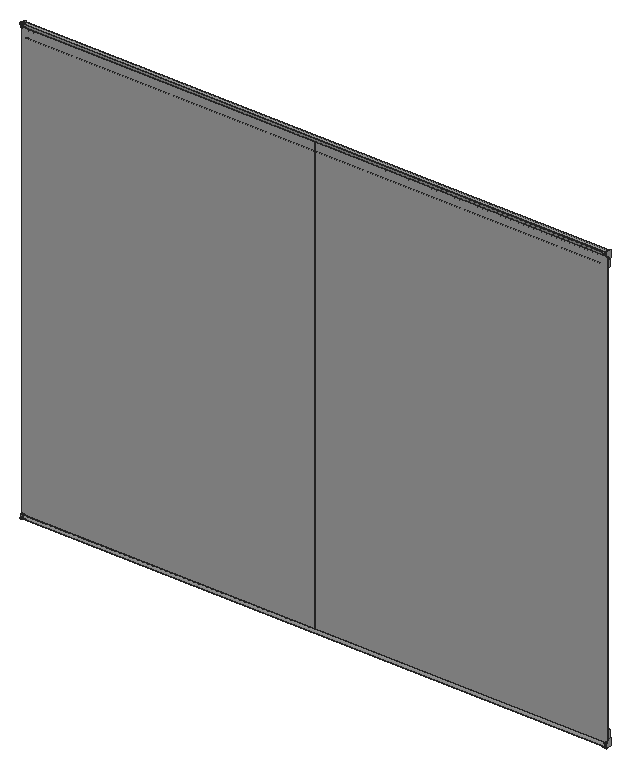
Revit family "Unity Glass Wall 6x8", category Generic Models, Revit 2018
Family settings
  Can host rebar = No
  Round Connector Dimension = Use Diameter
  Part Type = Normal
  Work Plane-Based = No
  Always vertical = Yes
  Cut with Voids When Loaded = No
  Shared = No
  Room Calculation Point = No
Parameters
  Panel #2 = Unity Glass Wall 6x8 Panel #2
  Panel #1 = Unity Glass Wall 6x8 Panel #1
Reference planes (in)
  plane 1 "Center (Front/Back)": y = 0
  plane 2: z = 0
  plane 3 "Center (Left/Right)": x = 0
Forms (in)
  Extrusion 1, solid, material "Unity Glass Wall Trim Metal"
    sketch origin (-47.24409, 0, 0.36763) x (0, 1, 0) y (0, 0, 1)
      loop
        line (0, 83.30899) -> (-0.645, 83.30899)
        arc (-0.645, 83.30899) -> (-0.70034, 83.28391) -> (-0.71795, 83.22577) r 0.07358
        arc (-0.71795, 83.22577) -> (-0.66251, 82.98163) -> (-0.5634, 82.75172) r 1.36464
        arc (-0.5634, 82.75172) -> (-0.54859, 82.73439) -> (-0.52802, 82.72453) r 0.05514
        line (-0.52802, 82.72453) -> (-0.48302, 82.72453) -> (-0.48302, 82.77531) -> (-0.51842, 82.77531)
        arc (-0.51842, 82.77531) -> (-0.6141, 82.99698) -> (-0.66761, 83.23242) r 1.31386
        arc (-0.66761, 83.23242) -> (-0.66215, 83.25044) -> (-0.645, 83.25821) r 0.0228
        line (-0.645, 83.25821) -> (-0.05078, 83.25821) -> (-0.05078, 82.12852) -> (-0.118, 82.19574) -> (-0.118, 82.45703) -> (-0.166, 82.45703) -> (-0.166, 82.19574)
        arc (-0.166, 82.19574) -> (-0.16235, 82.17737) -> (-0.15194, 82.1618) r 0.048
        line (-0.15194, 82.1618) -> (-0.1, 82.10985) -> (-0.1, 81.00078)
        arc (-0.1, 81.00078) -> (-0.05, 80.95078) -> (0, 81.00078) r 0.05
        line (0, 81.00078) -> (0, 83.30899)
    from 0.2 to 94.28819
  Extrusion 2, solid, material "Unity Glass Wall 6x8 Panel #1" <- "Panel #1"
    sketch origin (-47.24409, 0, 0.63581) x (0, 1, 0) y (0, 0, 1)
      loop
        line (-0.48802, 11.58341) -> (-0.28802, 11.58341) -> (-0.28802, 82.8216) -> (-0.48802, 82.8216) -> (-0.48802, 11.58341)
    from 0 to 47.24409
  Extrusion 3, solid, material "Unity Glass Wall Trim Metal"
    sketch origin (0, 0, 0.36763) x (0, 1, 0) y (0, 0, 1)
      loop
        line (0, 83.35978) -> (-0.645, 83.35978)
        arc (-0.645, 83.35978) -> (-0.73852, 83.31739) -> (-0.76829, 83.21911) r 0.12436
        arc (-0.76829, 83.21911) -> (-0.55414, 82.63679) -> (-0.11151, 82.20201) r 1.41542
        arc (-0.11151, 82.20201) -> (-0.09645, 82.19579) -> (-0.08019, 82.19478) r 0.04981
        line (-0.08019, 82.19478) -> (0, 82.19478) -> (0, 83.35978)
    from -47.24409 to -47.34409
  Extrusion 4, solid, material "Unity Glass Wall Trim Metal"
    sketch origin (-94.48819, 0, 0.36763) x (0, 1, 0) y (0, 0, -1)
      loop
        line (0, -83.35978) -> (0, -81.00078)
        arc (0, -81.00078) -> (-0.05, -80.95078) -> (-0.1, -81.00078) r 0.05
        line (-0.1, -81.00078) -> (-0.1, -82.10985) -> (-0.15194, -82.1618)
        arc (-0.15194, -82.1618) -> (-0.16235, -82.17737) -> (-0.166, -82.19574) r 0.048
        line (-0.166, -82.19574) -> (-0.166, -82.45703) -> (-0.118, -82.45703) -> (-0.118, -82.19574) -> (-0.048, -82.12574) -> (-0.048, -83.30899) -> (-0.645, -83.30899)
        arc (-0.645, -83.30899) -> (-0.70034, -83.28391) -> (-0.71795, -83.22577) r 0.07358
        arc (-0.71795, -83.22577) -> (-0.66202, -82.98012) -> (-0.56188, -82.74894) r 1.36464
        arc (-0.56188, -82.74894) -> (-0.5474, -82.73362) -> (-0.52802, -82.72531) r 0.05198
        line (-0.52802, -82.72531) -> (-0.48302, -82.72531) -> (-0.48302, -82.67453) -> (-0.5309, -82.67453)
        arc (-0.5309, -82.67453) -> (-0.56773, -82.68318) -> (-0.59684, -82.70734) r 0.08265
        arc (-0.59684, -82.70734) -> (-0.70718, -82.95498) -> (-0.76829, -83.21911) r 1.41542
        arc (-0.76829, -83.21911) -> (-0.73852, -83.31739) -> (-0.645, -83.35978) r 0.12436
        line (-0.645, -83.35978) -> (0, -83.35978)
    from -47.24409 to -47.44409
  Extrusion 5, solid, material "Unity Glass Wall Trim Metal"
    sketch origin (0, 0, 0.36763) x (0, 1, 0) y (0, 0, -1)
      loop
        line (0, -83.35978) -> (0, -82.19478) -> (-0.08019, -82.19478)
        arc (-0.08019, -82.19478) -> (-0.09645, -82.19579) -> (-0.11151, -82.20201) r 0.04981
        arc (-0.11151, -82.20201) -> (-0.55414, -82.63679) -> (-0.76829, -83.21911) r 1.41542
        arc (-0.76829, -83.21911) -> (-0.73852, -83.31739) -> (-0.645, -83.35978) r 0.12436
        line (-0.645, -83.35978) -> (0, -83.35978)
    from -47.24409 to -47.34409
  Extrusion 6, solid, material "Unity Glass Wall Trim Metal"
    sketch origin (94.48819, 0, 0.36763) x (0, 1, 0) y (0, 0, 1)
      loop
        line (0, 83.35978) -> (-0.645, 83.35978)
        arc (-0.645, 83.35978) -> (-0.73852, 83.31739) -> (-0.76829, 83.21911) r 0.12436
        arc (-0.76829, 83.21911) -> (-0.70718, 82.95498) -> (-0.59684, 82.70734) r 1.41542
        arc (-0.59684, 82.70734) -> (-0.56773, 82.68318) -> (-0.5309, 82.67453) r 0.08265
        line (-0.5309, 82.67453) -> (-0.48302, 82.67453) -> (-0.48302, 82.72531) -> (-0.52802, 82.72531)
        arc (-0.52802, 82.72531) -> (-0.5474, 82.73362) -> (-0.56188, 82.74894) r 0.05198
        arc (-0.56188, 82.74894) -> (-0.66202, 82.98012) -> (-0.71795, 83.22577) r 1.36464
        arc (-0.71795, 83.22577) -> (-0.70034, 83.28391) -> (-0.645, 83.30899) r 0.07358
        line (-0.645, 83.30899) -> (-0.048, 83.30899) -> (-0.048, 82.12574) -> (-0.118, 82.19574) -> (-0.118, 82.45703) -> (-0.166, 82.45703) -> (-0.166, 82.19574)
        arc (-0.166, 82.19574) -> (-0.16235, 82.17737) -> (-0.15194, 82.1618) r 0.048
        line (-0.15194, 82.1618) -> (-0.1, 82.10985) -> (-0.1, 81.00078)
        arc (-0.1, 81.00078) -> (-0.05, 80.95078) -> (0, 81.00078) r 0.05
        line (0, 81.00078) -> (0, 83.35978)
    from -47.24409 to -47.44409
  Extrusion 7, solid, material "Unity Glass Wall Trim Metal"
    sketch origin (-47.24409, 0, 95.30899) x (0, 1, 0) y (0, 0, 1)
      loop
        line (0, -83.30899) -> (0, -81.00078)
        arc (0, -81.00078) -> (-0.05, -80.95078) -> (-0.1, -81.00078) r 0.05
        line (-0.1, -81.00078) -> (-0.1, -82.10985) -> (-0.15194, -82.1618)
        arc (-0.15194, -82.1618) -> (-0.16235, -82.17737) -> (-0.166, -82.19574) r 0.048
        line (-0.166, -82.19574) -> (-0.166, -82.45703) -> (-0.118, -82.45703) -> (-0.118, -82.19574) -> (-0.05078, -82.12852) -> (-0.05078, -83.25821) -> (-0.645, -83.25821)
        arc (-0.645, -83.25821) -> (-0.66215, -83.25044) -> (-0.66761, -83.23242) r 0.0228
        arc (-0.66761, -83.23242) -> (-0.6141, -82.99698) -> (-0.51842, -82.77531) r 1.31386
        line (-0.51842, -82.77531) -> (-0.48302, -82.77531) -> (-0.48302, -82.72453) -> (-0.52802, -82.72453)
        arc (-0.52802, -82.72453) -> (-0.54859, -82.73439) -> (-0.5634, -82.75172) r 0.05514
        arc (-0.5634, -82.75172) -> (-0.66251, -82.98163) -> (-0.71795, -83.22577) r 1.36464
        arc (-0.71795, -83.22577) -> (-0.70034, -83.28391) -> (-0.645, -83.30899) r 0.07358
        line (-0.645, -83.30899) -> (0, -83.30899)
    from 0.2 to 94.28819
  Extrusion 8, solid, material "Unity Glass Wall Trim Metal"
    sketch origin (0, 0, 95.30899) x (0, 1, 0) y (0, 0, 1)
      loop
        line (0, -83.35978) -> (0, -82.19478) -> (-0.08019, -82.19478)
        arc (-0.08019, -82.19478) -> (-0.09645, -82.19579) -> (-0.11151, -82.20201) r 0.04981
        arc (-0.11151, -82.20201) -> (-0.55414, -82.63679) -> (-0.76829, -83.21911) r 1.41542
        arc (-0.76829, -83.21911) -> (-0.73852, -83.31739) -> (-0.645, -83.35978) r 0.12436
        line (-0.645, -83.35978) -> (0, -83.35978)
    from -47.24409 to -47.34409
  Extrusion 9, solid, material "Unity Glass Wall Trim Metal"
    sketch origin (-94.48819, 0, 95.30899) x (0, 1, 0) y (0, 0, -1)
      loop
        line (0, 83.35978) -> (-0.645, 83.35978)
        arc (-0.645, 83.35978) -> (-0.73852, 83.31739) -> (-0.76829, 83.21911) r 0.12436
        arc (-0.76829, 83.21911) -> (-0.70718, 82.95498) -> (-0.59684, 82.70734) r 1.41542
        arc (-0.59684, 82.70734) -> (-0.56773, 82.68318) -> (-0.5309, 82.67453) r 0.08265
        line (-0.5309, 82.67453) -> (-0.48302, 82.67453) -> (-0.48302, 82.72531) -> (-0.52802, 82.72531)
        arc (-0.52802, 82.72531) -> (-0.5474, 82.73362) -> (-0.56188, 82.74894) r 0.05198
        arc (-0.56188, 82.74894) -> (-0.66202, 82.98012) -> (-0.71795, 83.22577) r 1.36464
        arc (-0.71795, 83.22577) -> (-0.70034, 83.28391) -> (-0.645, 83.30899) r 0.07358
        line (-0.645, 83.30899) -> (-0.048, 83.30899) -> (-0.048, 82.12574) -> (-0.118, 82.19574) -> (-0.118, 82.45703) -> (-0.166, 82.45703) -> (-0.166, 82.19574)
        arc (-0.166, 82.19574) -> (-0.16235, 82.17737) -> (-0.15194, 82.1618) r 0.048
        line (-0.15194, 82.1618) -> (-0.1, 82.10985) -> (-0.1, 81.00078)
        arc (-0.1, 81.00078) -> (-0.05, 80.95078) -> (0, 81.00078) r 0.05
        line (0, 81.00078) -> (0, 83.35978)
    from -47.24409 to -47.44409
  Extrusion 10, solid, material "Unity Glass Wall Trim Metal"
    sketch origin (0, 0, 95.30899) x (0, 1, 0) y (0, 0, -1)
      loop
        line (0, 83.35978) -> (-0.645, 83.35978)
        arc (-0.645, 83.35978) -> (-0.73852, 83.31739) -> (-0.76829, 83.21911) r 0.12436
        arc (-0.76829, 83.21911) -> (-0.55414, 82.63679) -> (-0.11151, 82.20201) r 1.41542
        arc (-0.11151, 82.20201) -> (-0.09645, 82.19579) -> (-0.08019, 82.19478) r 0.04981
        line (-0.08019, 82.19478) -> (0, 82.19478) -> (0, 83.35978)
    from -47.24409 to -47.34409
  Extrusion 11, solid, material "Unity Glass Wall Trim Metal"
    sketch origin (94.48819, 0, 95.30899) x (0, 1, 0) y (0, 0, 1)
      loop
        line (0, -83.35978) -> (0, -81.00078)
        arc (0, -81.00078) -> (-0.05, -80.95078) -> (-0.1, -81.00078) r 0.05
        line (-0.1, -81.00078) -> (-0.1, -82.10985) -> (-0.15194, -82.1618)
        arc (-0.15194, -82.1618) -> (-0.16235, -82.17737) -> (-0.166, -82.19574) r 0.048
        line (-0.166, -82.19574) -> (-0.166, -82.45703) -> (-0.118, -82.45703) -> (-0.118, -82.19574) -> (-0.048, -82.12574) -> (-0.048, -83.30899) -> (-0.645, -83.30899)
        arc (-0.645, -83.30899) -> (-0.70034, -83.28391) -> (-0.71795, -83.22577) r 0.07358
        arc (-0.71795, -83.22577) -> (-0.66202, -82.98012) -> (-0.56188, -82.74894) r 1.36464
        arc (-0.56188, -82.74894) -> (-0.5474, -82.73362) -> (-0.52802, -82.72531) r 0.05198
        line (-0.52802, -82.72531) -> (-0.48302, -82.72531) -> (-0.48302, -82.67453) -> (-0.5309, -82.67453)
        arc (-0.5309, -82.67453) -> (-0.56773, -82.68318) -> (-0.59684, -82.70734) r 0.08265
        arc (-0.59684, -82.70734) -> (-0.70718, -82.95498) -> (-0.76829, -83.21911) r 1.41542
        arc (-0.76829, -83.21911) -> (-0.73852, -83.31739) -> (-0.645, -83.35978) r 0.12436
        line (-0.645, -83.35978) -> (0, -83.35978)
    from -47.24409 to -47.44409
  Extrusion 12, solid, material "Unity Glass Wall 6x8 Panel #2" <- "Panel #2"
    sketch origin (0, 0, 0.63581) x (0, 1, 0) y (0, 0, 1)
      loop
        line (-0.48802, 11.58341) -> (-0.28802, 11.58341) -> (-0.28802, 82.8216) -> (-0.48802, 82.8216) -> (-0.48802, 11.58341)
    from 0 to 47.24409
Dimensions and locks (in)
  aligned and locked: plane 2 to level
